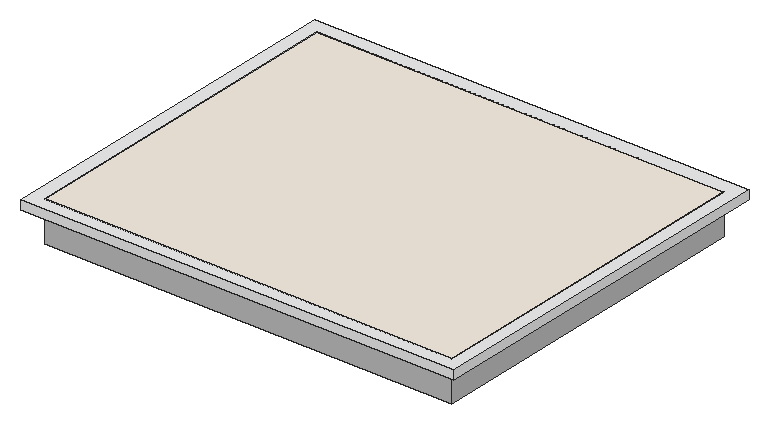
Revit family "Lighting-Industriale-GEWISS-ELIA-HL-LED_RIFLETTORE", category Apparecchi per illuminazione, host Superficie, Revit 2019 (continued)
Types (12, lengths in mm): name | Tensione | Scheda Tecnica | Potenza di sistema | Peso (kg): | Peso (kg) | Ottica | built-in parameter 1150142 | Lumen output (lm) | Modello | IDT | File diagramma fotometrico | Description
    62.45 150.20 138.26 126.63 115.49 105.08 95.25 85.91 \r\n76.98 68.33 59.98 51.84 44.12 36.98 30.35 24.13 18.45 \r\n13.35 9.08 5.95 3.86 2.80 2.80 \r\n8062.88 8063.68 8064.49 8066.90 8069.32 8072.54 8076.56 \r\n8081.39 8086.22 8091.86 8099.10 8105.54 8112.79 8120.84 \r\n8128.89 8137.74 8146.60 8156.26 8165.11 8174.77 8184.43 \r\n8194.09 8202.95 8212.61 8221.46 8229.51 8237.56 8244.00 \r\n8250.44 8256.08 8260.10 8263.32 8264.13 8264.93 8264.13 \r\n8261.71 8257.69 8252.86 8244.81 8235.15 8223.07 8208.58 \r\n8193.29 8173.97 8153.84 8131.30 8107.15 8079.78 8050.00 \r\n8018.60 7983.99 7946.15 7905.10 7861.63 7813.33 7761.81 \r\n7705.46 7644.28 7578.27 7507.43 7430.95 7348.04 7259.49 \r\n7166.11 7067.09 6963.25 6852.16 6734.63 6609.85 6477.83 \r\n6334.54 6175.96 6010.13 5844.30 5678.47 5511.83 5347.61 \r\n5186.61 5028.03 4867.83 4712.47 4564.35 4421.86 4285.01 \r\n4153.80 4026.61 3901.83 3779.48 3661.95 3551.66 3446.21 \r\n3343.17 3241.74 3139.50 3039.68 2943.08 2849.70 2758.74 \r\n2670.99 2584.86 2500.33 2419.03 2340.14 2265.27 2192.02 \r\n2117.96 2044.70 1973.06 1901.41 1829.77 1757.32 1688.89 \r\n1622.88 1557.19 1492.95 1429.28 1367.53 1308.77 1253.38 \r\n1202.11 1154.37 1109.93 1068.07 1028.07 989.51 951.91 \r\n914.80 876.97 839.29 802.59 766.68 731.34 696.81 663.32 \r\n631.12 601.25 572.60 544.42 517.13 490.57 465.53 443.47 \r\n422.95 402.74 382.62 361.61 341.00 322.16 304.13 286.26 \r\n268.95 252.61 237.31 223.39 210.43 198.35 186.52 174.04 \r\n161.56 149.61 137.90 126.38 115.28 104.88 95.05 85.76 \r\n76.89 68.26 59.93 51.83 44.15 37.04 30.39 24.14 18.43 \r\n13.33 9.07 5.94 3.85 2.80 2.79 \r\n8062.88 8063.68 8064.49 8066.90 8069.32 8071.73 8076.56 \r\n8080.59 8086.22 8092.66 8098.30 8104.74 8112.79 8120.03 \r\n8128.89 8136.94 8146.60 8155.45 8164.31 8173.97 8183.63 \r\n8192.48 8202.95 8211.80 8221.46 8229.51 8236.76 8244.00 \r\n8250.44 8255.27 8260.10 8263.32 8264.93 8264.93 8264.93 \r\n8262.52 8258.49 8252.86 8246.42 8236.76 8224.68 8211.00 \r\n8195.70 8176.38 8156.26 8134.52 8109.57 8083.00 8054.02 \r\n8022.63 7988.01 7950.98 7910.73 7866.46 7819.77 7767.44 \r\n7711.09 7650.72 7584.71 7514.67 7439.00 7356.89 7268.34 \r\n7176.57 7078.36 6974.52 6864.23 6747.51 6622.73 6491.52 \r\n6349.03 6190.45 6023.81 5857.18 5688.93 5522.30 5358.08 \r\n5197.88 5039.30 4877.49 4719.71 4569.98 4425.89 4287.43 \r\n4154.60 4025.80 3901.03 3778.67 3661.14 3551.66 3446.21 \r\n3343.17 3241.74 3139.50 3039.68 2943.08 2848.89 2758.74 \r\n2670.99 2585.66 2501.14 2419.03 2340.14 2265.27 2191.21 \r\n2117.96 2044.70 1973.06 1902.22 1828.96 1756.51 1688.09 \r\n1622.08 1556.23 1492.07 1428.23 1366.17 1307.16 1251.37 \r\n1199.69 1151.55 1106.96 1065.02 1024.93 986.37 948.85 \r\n911.74 873.99 836.40 799.77 763.70 728.53 694.15 660.50 \r\n628.22 598.36 569.86 542.01 514.96 488.39 463.36 441.46 \r\n420.93 400.89 380.85 359.84 339.23 320.55 302.76 285.05 \r\n267.98 251.72 236.51 222.42 209.30 197.23 185.47 173.08 \r\n160.81 149.07 137.58 126.14 115.09 104.71 94.89 85.64 \r\n76.81 68.19 59.87 51.82 44.15 37.05 30.42 24.15 18.42 \r\n13.31 9.05 5.93 3.85 2.81 2.79 \r\n8062.88 8063.68 8065.29 8066.90 8069.32 8072.54 8075.76 \r\n8080.59 8086.22 8091.86 8098.30 8104.74 8111.98 8120.03 \r\n8128.08 8136.13 8145.79 8155.45 8164.31 8173.97 8183.63 \r\n8192.48 8202.14 8211.00 8219.85 8228.71 8235.95 8243.20 \r\n8249.64 8255.27 8260.10 8262.52 8264.93 8265.74 8265.74 \r\n8262.52 8259.30 8254.47 8248.03 8238.37 8227.10 8213.41 \r\n8197.31 8179.60 8160.28 8136.94 8113.59 8087.03 8058.85 \r\n8027.46 7993.65 7955.81 7915.56 7872.09 7825.40 7773.88 \r\n7717.53 7657.96 7593.56 7523.53 7447.86 7366.55 7279.61 \r\n7187.04 7089.63 6986.59 6877.11 6760.39 6637.22 6506.01 \r\n6364.33 6205.74 6039.11 5870.86 5701.81 5534.37 5369.35 \r\n5209.96 5049.76 4887.15 4727.76 4575.62 4429.91 4290.65 \r\n4156.21 4025.80 3901.03 3778.67 3661.95 3552.47 3446.21 \r\n3343.17 3240.93 3139.50 3039.68 2942.28 2848.89 2758.74 \r\n2670.99 2584.86 2501.14 2419.03 2339.33 2263.66 2190.41 \r\n2117.15 2043.90 1972.25 1900.61 1827.35 1754.90 1687.28 \r\n1620.22 1554.70 1490.54 1426.62 1364.48 1305.15 1248.96 \r\n1196.95 1148.49 1103.65 1061.63 1021.55 983.07 945.63 \r\n908.60 870.93 833.58 796.79 760.73 725.55 691.33 657.60 \r\n625.24 595.46 567.04 539.43 512.70 486.22 461.27 439.37 \r\n418.92 398.88 378.99 357.98 337.62 318.94 301.31 283.84 \r\n266.94 250.84 235.62 221.54 208.33 196.18 184.51 172.27 \r\n160.14 148.59 137.28 125.93 114.92 104.57 94.76 85.53 \r\n76.72 68.11 59.80 51.76 44.15 37.06 30.43 24.13 18.39 \r\n13.28 9.03 5.92 3.85 2.81 2.79 \r\n8062.88 8063.68 8065.29 8066.90 8069.32 8072.54 8075.76 \r\n8080.59 8086.22 8091.86 8097.49 8103.93 8111.98 8120.03 \r\n8128.08 8136.13 8144.99 8154.65 8164.31 8173.16 8182.82 \r\n8191.68 8201.34 8210.19 8219.85 8228.71 8235.95 8243.20 \r\n8249.64 8256.08 8260.10 8263.32 8265.74 8266.54 8266.54 \r\n8264.93 8261.71 8256.08 8248.83 8240.78 8229.51 8216.63 \r\n8200.53 8182.82 8163.50 8141.77 8117.62 8091.86 8063.68 \r\n8033.09 7998.48 7962.25 7922.81 7880.14 7833.45 7781.93 \r\n7726.39 7667.62 7603.22 7533.99 7459.13 7377.82 7290.88 \r\n7199.92 7103.32 7000.28 6890.80 6774.88 6652.52 6522.11 \r\n6381.23 6224.26 6057.62 5887.77 5717.91 5548.86 5383.03 \r\n5220.42 5058.62 4895.20 4735.01 4582.86 4436.35 4295.48 \r\n4159.43 4029.83 3903.44 3781.89 3665.17 3554.88 3447.01 \r\n3342.36 3239.32 3137.89 3038.07 2940.67 2845.68 2756.32 \r\n2667.77 2581.64 2497.92 2415.00 2335.31 2259.64 2185.58 \r\n2111.52 2039.07 1966.62 1895.78 1823.33 1750.88 1682.45 \r\n1616.12 1551.24 1487.48 1424.21 1362.46 1302.89 1246.30 \r\n1193.98 1145.35 1100.52 1058.58 1018.65 980.33 943.22 \r\n906.43 868.92 831.65 795.02 759.20 723.94 689.56 655.91 \r\n623.79 593.85 565.35 537.74 511.18 484.85 460.06 438.08 \r\n417.47 397.43 377.46 356.62 336.41 317.89 300.26 282.80 \r\n266.13 250.11 234.90 220.89 207.69 195.70 183.94 172.03 \r\n160.07 148.49 137.11 125.77 114.81 104.51 94.74 85.50 \r\n76.64 68.01 59.67 51.62 44.00 36.92 30.28 24.01 18.31 \r\n13.21 8.97 5.90 3.86 2.82 2.79 \r\n8062.88 8063.68 8065.29 8066.90 8069.32 8072.54 8075.76 \r\n8080.59 8085.42 8091.86 8097.49 8103.93 8111.98 8119.23 \r\n8127.28 8135.33 8144.99 8153.84 8163.50 8173.16 8182.82 \r\n8191.68 8200.53 8210.19 8219.05 8227.90 8235.95 8242.39 \r\n8248.83 8255.27 8260.10 8264.13 8266.54 8268.15 8267.35 \r\n8265.74 8262.52 8257.69 8251.25 8243.20 8231.93 8219.05 \r\n8203.75 8186.85 8167.53 8145.79 8122.45 8096.69 8068.51 \r\n8037.92 8004.92 7968.69 7929.25 7887.39 7840.70 7790.79 \r\n7736.05 7677.28 7613.69 7544.46 7470.40 7389.90 7304.57 \r\n7212.80 7116.20 7013.16 6905.29 6789.37 6667.81 6539.01 \r\n6399.75 6243.58 6077.75 5907.09 5734.82 5564.96 5395.91 \r\n5230.89 5067.47 4903.25 4743.06 4590.91 4442.79 4300.31 \r\n4163.46 4033.05 3907.47 3785.92 3669.19 3557.30 3448.62 \r\n3342.36 3237.71 3136.28 3035.66 2938.25 2844.07 2753.10 \r\n2664.55 2577.61 2493.09 2410.98 2331.28 2254.00 2179.94 \r\n2105.88 2033.43 1960.98 1890.14 1818.50 1746.85 1677.62 \r\n1612.09 1547.13 1483.86 1421.31 1360.05 1300.32 1243.40 \r\n1190.92 1142.13 1097.38 1055.44 1015.75 977.67 940.72 \r\n904.18 866.82 829.71 793.41 757.75 722.33 687.79 654.47 \r\n622.51 592.40 563.66 536.13 509.65 483.64 459.01 436.87 \r\n416.10 395.90 375.94 355.33 335.20 316.77 299.22 281.91 \r\n265.25 249.39 234.34 220.33 207.21 195.13 183.54 171.79 \r\n160.11 148.45 136.95 125.62 114.70 104.46 94.72 85.46 \r\n76.56 67.89 59.53 51.47 43.82 36.73 30.11 23.88 18.20 \r\n13.13 8.91 5.88 3.86 2.83 2.78 \r\n8062.88 8063.68 8065.29 8066.90 8069.32 8072.54 8075.76 \r\n8080.59 8085.42 8091.05 8097.49 8103.93 8111.18 8119.23 \r\n8127.28 8135.33 8144.18 8153.84 8163.50 8172.36 8182.02 \r\n8190.87 8200.53 8209.39 8218.24 8227.10 8235.15 8242.39 \r\n8248.83 8255.27 8260.10 8264.13 8268.15 8268.96 8268.96 \r\n8267.35 8264.93 8260.10 8253.66 8244.00 8234.34 8221.46 \r\n8206.17 8190.07 8171.55 8150.62 8127.28 8101.52 8074.95 \r\n8044.36 8011.36 7975.94 7937.30 7895.44 7848.75 7799.64 \r\n7745.71 7687.75 7624.15 7556.53 7482.47 7402.78 7317.45 \r\n7227.29 7130.69 7027.65 6918.97 6805.47 6684.72 6556.72 \r\n6417.46 6263.70 6098.68 5927.21 5752.53 5581.06 5410.40 \r\n5242.16 5075.52 4912.11 4751.91 4598.96 4450.84 4306.75 \r\n4167.48 4037.07 3912.30 3790.75 3673.22 3560.52 3449.43 \r\n3342.36 3236.91 3133.87 3034.05 2935.84 2840.85 2749.08 \r\n2660.53 2573.59 2489.06 2406.95 2326.45 2248.37 2173.50 \r\n2099.44 2026.19 1955.35 1884.51 1812.06 1742.02 1673.60 \r\n1607.18 1542.86 1479.99 1418.09 1357.39 1297.58 1240.34 \r\n1187.70 1138.83 1094.08 1052.30 1012.77 974.94 938.23 \r\n902.00 864.81 827.78 791.80 756.30 720.80 686.18 652.94 \r\n621.22 590.95 562.13 534.60 508.20 482.44 458.05 435.83 \r\n414.90 394.53 374.49 354.04 334.16 315.80 298.25 281.03 \r\n264.36 248.58 233.69 219.77 206.72 194.65 183.22 171.71 \r\n160.19 148.44 136.79 125.48 114.61 104.42 94.73 85.43 \r\n76.48 67.76 59.38 51.30 43.64 36.54 29.91 23.73 18.10 \r\n13.05 8.85 5.85 3.87 2.84 2.78 \r\n8062.88 8063.68 8065.29 8066.90 8069.32 8072.54 8075.76 \r\n8080.59 8085.42 8091.05 8097.49 8103.93 8111.18 8119.23 \r\n8127.28 8135.33 8143.38 8153.84 8162.70 8172.36 8182.02 \r\n8190.87 8199.73 8209.39 8218.24 8226.29 8235.15 8241.59 \r\n8248.83 8255.27 8260.10 8264.93 8268.15 8270.57 8270.57 \r\n8268.96 8265.74 8260.91 8254.47 8246.42 8236.76 8224.68 \r\n8210.19 8194.09 8174.77 8154.65 8132.11 8107.15 8079.78 \r\n8050.80 8017.80 7982.38 7944.54 7902.68 7857.60 7808.50 \r\n7755.37 7697.41 7635.42 7567.80 7494.55 7416.46 7331.13 \r\n7241.78 7145.18 7042.94 6935.07 6820.76 6700.01 6573.63 \r\n6436.78 6283.83 6119.61 5947.34 5771.04 5597.97 5425.70 \r\n5253.43 5085.99 4920.96 4760.77 4607.01 4457.28 4312.38 \r\n4172.31 4041.90 3916.32 3795.58 3678.85 3563.74 3451.04 \r\n3341.56 3235.30 3132.26 3031.63 2933.42 2837.63 2745.86 \r\n2656.50 2568.76 2484.23 2402.12 2321.62 2243.54 2167.06 \r\n2092.20 2019.75 1948.91 1878.07 1807.23 1736.38 1668.77 \r\n1602.35 1538.36 1475.89 1414.71 1354.49 1294.60 1237.20 \r\n1184.48 1135.61 1090.86 1049.16 1009.79 972.28 935.81 \r\n899.83 862.80 825.85 790.19 754.85 719.27 684.41 651.49 \r\n620.01 589.66 560.60 533.07 506.67 481.23 457.16 434.86 \r\n413.69 393.16 373.12 352.83 333.19 314.84 297.37 280.14 \r\n263.48 247.86 233.13 219.28 206.32 194.33 182.90 171.63 \r\n160.30 148.43 136.62 125.32 114.50 104.39 94.73 85.39 \r\n76.39 67.64 59.22 51.13 43.45 36.33 29.72 23.57 18.00 \r\n12.97 8.80 5.83 3.89 2.85 2.77 \r\n8062.88 8063.68 8065.29 8066.90 8069.32 8072.54 8075.76 \r\n8080.59 8085.42 8091.05 8097.49 8103.93 8111.18 8119.23 \r\n8127.28 8135.33 8143.38 8152.23 8162.70 8172.36 8181.21 \r\n8190.87 8199.73 8208.58 8217.44 8226.29 8234.34 8241.59 \r\n8248.83 8255.27 8260.10 8265.74 8268.96 8271.37 8271.37 \r\n8270.57 8267.35 8263.32 8256.88 8248.83 8238.37 8227.10 \r\n8213.41 8197.31 8178.80 8159.48 8136.94 8111.98 8086.22 \r\n8055.63 8024.24 7990.43 7951.79 7910.73 7865.65 7818.16 \r\n7765.83 7708.68 7646.69 7579.88 7506.62 7429.34 7344.82 \r\n7255.46 7159.67 7057.43 6949.56 6836.86 6717.72 6591.34 \r\n6455.29 6303.95 6141.34 5968.27 5790.36 5614.87 5440.19 \r\n5266.31 5094.84 4929.82 4769.62 4615.06 4465.33 4318.02 \r\n4177.14 4046.73 3921.96 3800.41 3682.88 3566.15 3452.64 \r\n3341.56 3234.49 3130.64 3029.22 2931.01 2834.41 2741.83 \r\n2651.67 2563.93 2478.60 2397.29 2316.79 2237.09 2159.82 \r\n2085.76 2013.31 1941.66 1872.43 1801.59 1731.56 1663.93 \r\n1597.76 1533.85 1471.70 1411.08 1351.43 1291.54 1234.15 \r\n1181.34 1132.39 1087.72 1046.18 1006.97 969.54 933.40 \r\n897.58 860.71 824.00 788.42 753.32 717.58 682.64 650.04 \r\n618.88 588.37 559.15 531.54 505.30 480.18 456.27 433.98 \r\n412.56 391.87 371.83 351.70 332.30 314.11 296.56 279.34 \r\n262.75 247.22 232.56 218.80 205.92 193.92 182.57 171.55 \r\n160.37 148.39 136.42 125.15 114.40 104.34 94.72 85.34 \r\n76.27 67.51 59.06 50.94 43.25 36.12 29.53 23.43 17.90 \r\n12.90 8.75 5.82 3.90 2.87 2.77 \r\n8062.88 8063.68 8065.29 8066.90 8069.32 8072.54 8075.76 \r\n8080.59 8085.42 8091.05 8096.69 8103.13 8111.18 8118.42 \r\n8126.47 8134.52 8142.57 8152.23 8161.09 8171.55 8181.21 \r\n8190.07 8198.92 8208.58 8216.63 8225.49 8233.54 8241.59 \r\n8248.03 8255.27 8260.91 8265.74 8269.76 8271.37 8272.98 \r\n8272.18 8268.96 8264.93 8258.49 8250.44 8241.59 8230.32 \r\n8215.83 8200.53 8182.82 8163.50 8140.96 8116.81 8091.05 \r\n8062.07 8030.68 7996.87 7959.84 7918.78 7874.51 7827.01 \r\n7775.49 7719.14 7657.96 7591.95 7519.50 7442.22 7359.31 \r\n7269.15 7174.16 7071.92 6964.86 6852.96 6733.82 6608.24 \r\n6474.61 6324.08 6163.08 5989.20 5810.49 5632.58 5455.48 \r\n5279.19 5106.11 4940.28 4780.09 4623.92 4472.58 4324.46 \r\n4182.78 4051.56 3926.79 3805.24 3686.90 3569.37 3455.06 \r\n3342.36 3233.69 3128.23 3026.80 2927.79 2831.99 2738.61 \r\n2646.84 2559.10 2473.77 2391.66 2311.96 2231.46 2154.18 \r\n2079.32 2006.06 1936.03 1866.80 1796.76 1727.53 1659.91 \r\n1593.50 1529.58 1467.60 1407.30 1348.13 1288.48 1230.93 \r\n1178.20 1129.33 1084.74 1043.28 1004.16 966.89 930.90 \r\n895.32 858.53 821.90 786.65 751.71 715.89 680.95 648.75 \r\n617.84 587.25 557.70 530.09 503.85 479.06 455.55 433.01 \r\n411.52 390.75 370.54 350.66 331.42 313.31 295.92 278.53 \r\n261.95 246.49 232.08 218.40 205.60 193.68 182.41 171.47 \r\n160.43 148.29 136.19 124.95 114.29 104.27 94.68 85.27 \r\n76.15 67.36 58.91 50.76 43.08 35.94 29.34 23.29 17.81 \r\n12.84 8.71 5.82 3.92 2.89 2.77 \r\n8062.88 8063.68 8065.29 8066.90 8069.32 8072.54 8075.76 \r\n8080.59 8085.42 8091.05 8096.69 8103.13 8110.37 8117.62 \r\n8126.47 8134.52 8142.57 8151.43 8161.09 8170.75 8180.41 \r\n8189.26 8198.92 8207.78 8215.83 8224.68 8232.73 8240.78 \r\n8248.03 8254.47 8260.91 8265.74 8269.76 8272.18 8272.98 \r\n8272.98 8270.57 8266.54 8260.10 8252.86 8243.20 8231.93 \r\n8219.05 8203.75 8186.85 8167.53 8145.79 8122.45 8095.88 \r\n8066.90 8035.51 8002.50 7965.47 7925.22 7881.75 7835.06 \r\n7784.35 7728.80 7667.62 7602.42 7530.77 7454.30 7372.19 \r\n7282.83 7187.84 7087.22 6979.35 6868.26 6749.92 6625.95 \r\n6491.52 6343.40 6182.40 6008.52 5828.20 5650.29 5473.19 \r\n5296.09 5120.60 4952.36 4789.75 4632.77 4480.63 4330.90 \r\n4187.61 4054.78 3929.20 3807.65 3689.32 3572.59 3458.28 \r\n3344.78 3234.49 3127.43 3025.19 2926.18 2829.58 2735.39 \r\n2643.62 2555.07 2468.93 2386.83 2307.13 2227.43 2149.35 \r\n2074.49 2002.04 1932.81 1862.77 1794.35 1725.12 1657.50 \r\n1591.16 1526.68 1463.89 1403.28 1343.95 1284.78 1228.03 \r\n1175.62 1126.76 1082.16 1040.70 1001.58 964.31 928.17 \r\n892.58 855.88 819.41 784.23 749.29 713.55 678.78 646.98 \r\n616.55 585.80 556.17 528.40 502.16 477.77 454.50 432.20 \r\n410.63 389.70 369.50 349.77 330.86 312.82 295.35 277.81 \r\n261.06 245.85 231.60 218.07 205.28 193.36 182.01 170.98 \r\n159.86 147.72 135.65 124.56 114.04 104.06 94.47 85.06 \r\n75.95 67.19 58.77 50.65 42.97 35.84 29.25 23.22 17.77 \r\n12.83 8.72 5.84 3.94 2.91 2.77 \r\n8062.88 8063.68 8065.29 8066.90 8069.32 8071.73 8075.76 \r\n8080.59 8085.42 8091.05 8096.69 8103.13 8110.37 8117.62 \r\n8126.47 8133.72 8141.77 8151.43 8160.28 8169.94 8179.60 \r\n8189.26 8198.12 8206.17 8215.83 8224.68 8232.73 8240.78 \r\n8247.22 8254.47 8260.10 8265.74 8269.76 8272.98 8273.79 \r\n8273.79 8271.37 8267.35 8262.52 8254.47 8245.61 8234.34 \r\n8221.46 8206.97 8189.26 8170.75 8149.82 8126.47 8099.91 \r\n8071.73 8041.14 8008.14 7971.11 7932.47 7889.00 7843.11 \r\n7792.40 7737.66 7678.09 7612.88 7542.04 7466.37 7384.26 \r\n7296.52 7201.53 7100.90 6994.64 6884.36 6766.83 6642.86 \r\n6508.42 6361.11 6200.91 6027.84 5846.71 5668.81 5490.10 \r\n5312.19 5136.70 4966.04 4801.02 4640.82 4487.07 4336.53 \r\n4192.44 4058.00 3931.62 3810.07 3690.93 3575.01 3461.50 \r\n3347.19 3235.30 3127.43 3023.58 2923.76 2827.16 2732.17 \r\n2640.40 2550.24 2464.91 2382.80 2303.11 2223.41 2146.13 \r\n2071.27 1998.82 1928.78 1860.36 1791.93 1723.51 1655.88 \r\n1589.31 1524.11 1460.59 1399.33 1339.76 1281.24 1225.29 \r\n1173.13 1124.50 1079.83 1038.29 999.17 961.73 925.59 \r\n889.85 853.22 816.91 781.57 746.64 711.06 676.60 645.29 \r\n615.26 584.43 554.56 526.79 500.71 476.48 453.54 431.32 \r\n409.75 388.73 368.37 348.97 330.37 312.34 294.95 277.24 \r\n260.34 245.28 231.20 217.67 204.95 193.04 181.69 170.58 \r\n159.27 147.11 135.09 124.14 113.77 103.84 94.24 84.83 \r\n75.73 67.00 58.62 50.54 42.89 35.77 29.20 23.18 17.75 \r\n12.83 8.74 5.87 3.97 2.93 2.78 \r\n8062.88 8063.68 8065.29 8066.90 8069.32 8071.73 8075.76 \r\n8080.59 8085.42 8091.05 8096.69 8103.13 8110.37 8116.81 \r\n8125.67 8133.72 8141.77 8150.62 8160.28 8169.14 8178.80 \r\n8187.65 8197.31 8206.17 8215.02 8223.88 8231.93 8239.98 \r\n8247.22 8253.66 
